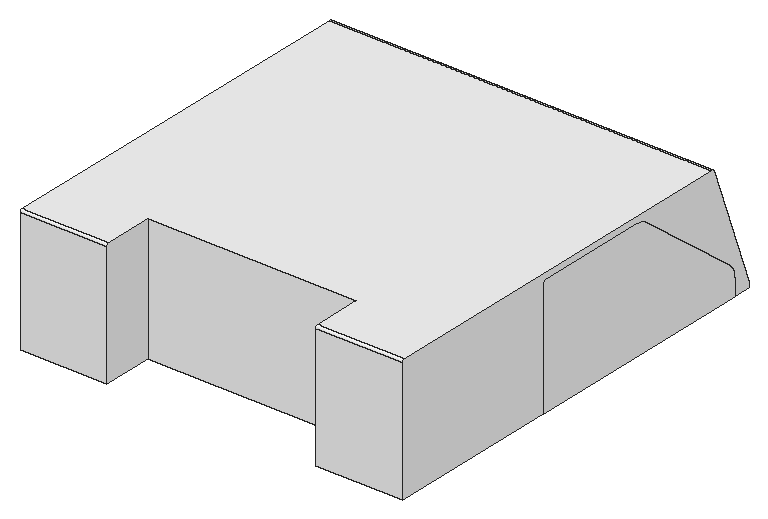
Revit family "NBS_DudleyIndustries_HndDriers_BehindTheMirrorRange_WarmAirDryer", category Specialty Equipment, host Face, Revit 2016
Family settings
  Host = Face
  Part Type = Normal
  Round Connector Dimension = Use Diameter
  OmniClass Number = 23.40.20.21.14
  OmniClass Title = Hand and Hair Dryers
  Cut with Voids When Loaded = No
  Shared = No
  Room Calculation Point = No
Parameters (values of type "BehindTheMirrorRangeWarmAirDryer ")
  WarrantyStartDate [instance] = "1900-12-31T23:59:59"
  WarrantyGuarantorParts = "sales@dudleyindustries.com"
  WarrantyGuarantorLabor = "n/a"
  WarrantyDurationUnit = "year"
  WarrantyDurationParts = "1"
  WarrantyDurationLabor = "n/a"
  WarrantyDescription = "1 year warranty"
  Version = "2"  # constant formula
  UsageCurrent = 7.8
  Uniclass2015Version = "Products v1.7"
  Uniclass2015Title = "Hand driers"
  Uniclass2015Code = "Pr_40_70_62_37"
  TagNumber [instance] = "n/a"
  SustainabilityPerformance = "n/a"
  Size = "306 x 346 x 100 mm"
  Shape = "n/a"
  SerialNumber [instance] = "n/a"
  Revision = "n/a"
  ReplacementCost = "n/a"
  ProductInformation = "www.dudleyindustries.com/wp-content/uploads/2016/11/Warm-Air-Dryer.pdf"
  PhaseReference = "n/a"
  PhaseAngle = 0.00°
  Operation = "Automatic start/stop"
  NumberOfPoles = 0
  NominalWidth = 306 mm  # constant formula
  NominalVoltage = 0
  NominalLength = 100 mm  # constant formula
  NominalHeight = 346 mm  # constant formula
  NominalFrequencyRange = "50 - 60 Hz"
  NominalCurrent = 0
  NoiseLevel = "71 dBA"
  Name = "HandDriers_BehindTheMirrorRange_WarmAirDryer_DudleyIndustries"
  NBSTypeID = "n/a"
  NBSReference = "45-35-72/334"
  NBSOfficeMasterTag = "n/a"
  NBSNote = "n/a"
  NBSDescription = "Hand driers"
  NBSCertification = "www.nationalbimlibrary.com/cert/nj3q1dtx"
  ModelReference = "Behind the Mirror Range: Warm Air Dryer"
  ModelNumber = "92022SS"
  Material = "Stainless steel"
  ManufacturerURL = "www.dudleyindustries.com/"
  ManufacturerName = "Dudley Industries"  # constant formula
  Manufacturer = "sales@dudleyindustries.com"
  InsulationStandardClass = "n/a"
  InstallationDate [instance] = "1900-12-31T23:59:59"
  IfcExportType = "HANDDRYER"  # constant formula
  IfcExportAs = "IfcElectricApplianceType"  # constant formula
  IP_Code = "IP21"
  HasProtectiveEarth = yes
  Grade = "EN1.4509"
  Form = "High performance warm air hand dryer"
  Finish = "Brushed"
  Features = "Discreetly hidden within the ‘behind the mirror’ cavity Warm Air Dryer, automatic start/stop, CE approved, suitable for high traffic locations"
  ExpectedLife = "3"
  EnvironmentalProductDeclaration = "n/a"
  ElectricalSupplyRatedOperationalVoltageUe = "230 V ac"
  ElectricalSupplyPowerRating = "1.7kW @230 volts"
  ElectricalDeviceNominalPower = 1.7
  DurationUnit = "year"
  DryerMaterial = NBS_Concept
  Description = "Discreetly hidden within the ‘behind the mirror’ cavity Warm Air Dryer"
  Default Elevation = 1200 mm
  Constituents = "n/a"
  Color = "Stainless steel"
  CodePerformance = "CE, BS EN 60335-2-23:2003 + A1:2008 (Particular Requirements for Appliances for skin and hair Care) and BS EN 60335-1:2002 + A2:2006 (incorporating A1,A11,A12, A13)(Safety of Household and similar electrical appliances), EN 55014-1: 2006 + A1: 2009, EN 55014-2: 1997 + A1: 2001 + A2:2008, EN 61000-3-2: 2006, EN 61000-3-3: 2008, RoHS, WEEE"
  Category = "Pr_40_70_62_37:Hand driers"
  BodyIngressProtectionMinimum = "IP21"
  BodyFinishColour = "Brushed"
  BodyEnclosure = "Stainless Steel"
  BarCode [instance] = "n/a"
  BIMObjectName = "NBS_DudleyIndustries_HandDriers_BehindTheMirrorRange_WarmAirDryer"
  Author = "NBS"  # constant formula
  AssetType = "Fixed"
  AssetIdentifier [instance] = "n/a"
  AccessibilityPerformance = "n/a"
Reference planes
  plane 1 "Center (Front/Back)": y = 0
  plane 2: z = 0
  plane 3 "Center (Left/Right)": x = 0
  plane 4: y = 173
  plane 5: y = -173
  plane 6: x = 153
  plane 7: x = -153
  plane 8: z = 100
  plane 9: through (0, 155.672, 51.529) normal (0, -0.9397, -0.342)
  plane 10: x = -83
  plane 11: x = 83.5
  plane 12: y = -133.3
  plane 13: x = 83.5
  plane 14: x = -83.5
  plane 15: y = -132.402
Forms (mm)
  Extrusion 1, solid, material "NBS_Concept" <- "DryerMaterial", detail levels coarse
    sketch origin (-153, 0, 0) x (0, 1, 0) y (0, 0, 1)
      loop
        line (-173, 0) -> (173, 0) -> (173, 3.921) -> (138.03, 100) -> (-173, 100) -> (-173, 0)
    from 0 to 306
  Extrusion 2, void, detail levels coarse
    sketch origin (0, 0, 0) x (1, 0, 0) y (0, 1, 0)
      loop
        line (-83, -133.3) -> (-83, -173) -> (83.5, -173) -> (83.5, -133.3) -> (-83, -133.3)
    from 0 to 100
  Extrusion 3, solid, material "NBS_Concept" <- "DryerMaterial", detail levels medium+fine
    sketch origin (-153, 0, 0) x (0, 1, 0) y (0, 0, 1)
      loop
        line (-173, 0) -> (173, 0) -> (173, 3.921) -> (138.514, 98.671)
        arc (138.514, 98.671) -> (137.774, 99.635) -> (136.616, 100) r 2.02
        line (136.616, 100) -> (-171.013, 100)
        arc (-171.013, 100) -> (-172.418, 99.418) -> (-173, 98.013) r 1.987
        line (-173, 98.013) -> (-173, 0)
    from 0 to 306
  Extrusion 4, void, detail levels medium+fine
    sketch origin (0, 0, 0) x (1, 0, 0) y (0, 1, 0)
      loop
        line (-83.5, -132.402) -> (-83.5, -173) -> (83.5, -173) -> (83.5, -132.402) -> (-83.5, -132.402)
    from 0 to 100
  Extrusion 5, solid, material "NBS_Concept" <- "DryerMaterial", detail levels medium+fine
    sketch origin (149.1, 0, 0) x (0, 1, 0) y (0, 0, 1)
      loop
        line (-31.8, 94.553) -> (-31.8, -0.447) -> (159.2, -0.447) -> (159.2, 12.342)
        arc (159.2, 12.342) -> (157.664, 19.128) -> (153.357, 24.592) r 15.763
        line (153.357, 24.592) -> (71.232, 91.096)
        arc (71.232, 91.096) -> (66.648, 93.663) -> (61.471, 94.553) r 15.511
        line (61.471, 94.553) -> (-31.8, 94.553)
    from -303.1 to 3.9
Cuts and joins
  Extrusion 2, Extrusion 4 cuts Extrusion 1
  Extrusion 4 cuts Extrusion 3
Dimensions and locks
  "NominalWidth": plane 7 to plane 6
  "NominalHeight": plane 5 to plane 4
  "NominalLength": plane 8 to plane 2
  aligned and locked: plane 2 to host face
  aligned and locked: level to host face
  aligned and locked: Extrusion 2 sketch curve to plane 12
  aligned and locked: Extrusion 2 sketch curve to plane 10
  aligned and locked: Extrusion 2 sketch curve to plane 5
  aligned and locked: plane 11 to Extrusion 2 sketch curve
  aligned and locked: Extrusion 4 sketch curve to plane 15
  aligned and locked: Extrusion 4 sketch curve to plane 14
  aligned and locked: Extrusion 4 sketch curve to cut or joined group of Extrusion 1, Extrusion 2, Extrusion 4  (x2)
  aligned and locked: Extrusion 1 to Extrusion 4
Automatic sketch dimensions
  host sketch curve to host sketch curve = 517.853 mm
  host sketch curve to host sketch curve = 478.797 mm
  Extrusion 1 sketch curve to plane 5 = 0 mm
  Extrusion 1 sketch curve to plane 8 = 0 mm
  plane 9 to Extrusion 1 sketch curve = 0 mm  (x2)
  Extrusion 1 sketch curve to level = 0 mm
  Extrusion 1 sketch curve to plane 4 = 0 mm
  Extrusion 3 sketch curve to level = 0 mm
  Extrusion 3 sketch curve to plane 5 = 0 mm
  Extrusion 3 sketch curve to plane 8 = 0 mm
  plane 9 to Extrusion 3 sketch curve = 0 mm  (x2)
  Extrusion 3 sketch curve to plane 4 = 0 mm
  Extrusion 3 sketch curve to Extrusion 3 sketch curve = 1.987 mm
  Extrusion 3 sketch curve to plane 8 = 2.02 mm
  Extrusion 3 sketch curve to plane 8 = 1.329 mm
  Extrusion 5 sketch curve to level = 0.447 mm
  plane 1 "Center (Front/Back)" to Extrusion 5 sketch curve = 31.8 mm
  Extrusion 5 sketch curve to plane 8 = 5.447 mm
  Extrusion 5 sketch curve to plane 1 "Center (Front/Back)" = 61.471 mm
  Extrusion 5 sketch curve to plane 8 = 8.904 mm
  Extrusion 5 sketch curve to Extrusion 5 sketch curve = 9.761 mm
  level to Extrusion 5 sketch curve = 12.342 mm
  plane 4 to Extrusion 5 sketch curve = 29.563 mm
  Extrusion 5 sketch curve to Extrusion 5 sketch curve = 9.92 mm
  plane 4 to Extrusion 5 sketch curve = 13.8 mm
